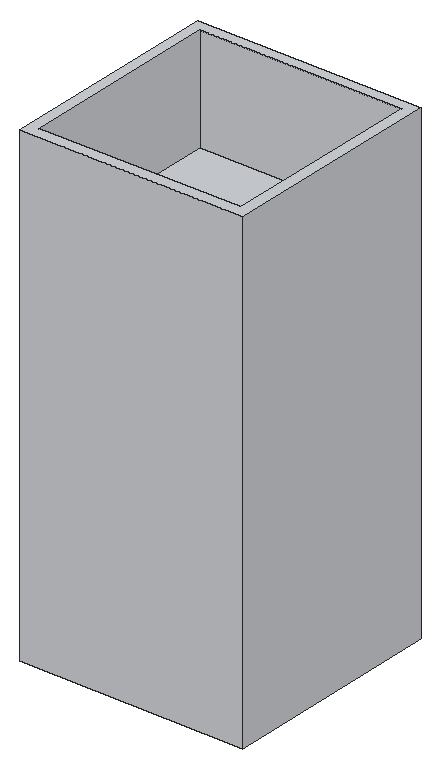
Revit family "Lighting-Surface-Lucifer-Squilinder-SQ2-FB", category Lighting Fixtures, host Face, Revit 2016
Family settings
  Host = Face
  Part Type = Normal
  Round Connector Dimension = Use Diameter
  Cut with Voids When Loaded = No
  Light Source = Yes
  Shared = No
  Room Calculation Point = No
Parameters
  Voltage = 0 V
  Power Factor = 1
  Photometric Web File = "Load File"
  Number of Poles = 1
  Material = White Finish
  Lamp = "LED"
  Input Wattage = ""
  Wattage = 26 W
  built-in parameter 1150110 = 1 (stored number, unit not read)
  URL = "https://www.luciferlighting.com/"
  built-in parameter 1114217 = 1 (stored number, unit not read)
  Tilt Angle = 90.00°
  built-in parameter 1150109 = 1 (stored number, unit not read)
  built-in parameter 1150134 = 12
  built-in parameter 1150113 = 1 (stored number, unit not read)
  Model = "SQ2-FB"
  Manufacturer = "Lucifer"
  built-in parameter 1150105 = 206.9 (stored number, unit not read)
  Lumens = 2600 lm
  built-in parameter 1150115 = 1 (stored number, unit not read)
  built-in parameter 1150137 = (empty or 0)
  built-in parameter 1150139 = (empty or 0)
  built-in parameter 1150112 = 1 (stored number, unit not read)
  built-in parameter 1150114 = 1 (stored number, unit not read)
  Keynote = ""
  built-in parameter 1150132 = (empty or 0)
  built-in parameter 1150102 = (empty or 0)
  built-in parameter 1150107 = 4000 (stored number, unit not read)
  built-in parameter 1150138 = (empty or 0)
  built-in parameter 1150106 = 2.069 (stored number, unit not read)
  Emit from Rectangle Width = 3.00"
  Emit from Rectangle Length = 3.00"
  Emit Shape Visible in Rendering = yes
  built-in parameter 1150104 = 9.2903 (stored number, unit not read)
  Dimming Lamp Color Temperature Shift = (empty or 0)
  Description = "Fixed Surface Mount"
  Default Elevation = 48.00"
  Color Filter = 16777215
  built-in parameter 1114218 = 1 (stored number, unit not read)
  built-in parameter 1150133 = 10 (stored number, unit not read)
  Assembly Code = ""
  Apparent Load = 0 VA
Reference planes (in)
  plane 1 "Center (Front/Back)": y = 1.94073
  plane 2: z = 0
  plane 3 "Center (Left/Right)": x = 2.916
  plane 4: y = 3.00423
  plane 5: y = 0.87724
Dimensions and locks (in)
  equal spacing: plane 4, plane 1 "Center (Front/Back)", plane 5
  aligned and locked: plane 2 to host face
  aligned and locked: level to host face
  aligned: plane 1 "Center (Front/Back)" to imposter light
Automatic sketch dimensions
  host sketch curve to host sketch curve = 12.00498"
  host sketch curve to host sketch curve = 12.39607"
Nested families (in)
  nested 1: "Track Head" at (2.916, 1.92486, 3.35) x (0, 0, 1) z (0, -1, 0), type "Track Head"
Connectors (in)
  electrical at (2.916, 2.38736, 0), driven by "Number of Poles", driven by "Voltage", driven by "Apparent Load", driven by "Power Factor"
    settings: on nested 1, index 1, voltage 0 V, apparent load 0 VA, apparent load phase1 0 VA, apparent load phase2 0 VA, apparent load phase3 0 VA, power factor 1, load classification "Other", number of poles 1, system type 31, power factor state 1, is connector primary yes, connector utility no, sub classification motor no, connector description ""
Definition of nested family "Track Head"
  Parameters (values of type "Track Head")
    Width = 3.13"
    Length = 4.80078"
    Material = none
    Height = 6.70"
    Default Elevation = 48.00"
    Assembly Code = ""
  Reference planes (in)
    plane 1 "Center (Front/Back)": y = 0
    plane 2: z = 0
    plane 3 "Center (Left/Right)": x = 0
    plane 4: z = 6.7
    plane 5: y = 1.565
    plane 6: y = -1.565
    plane 7: x = -1.565
    plane 8: x = 1.565
  Forms (in)
    Extrusion 1, solid
      sketch origin (0, 0, 0) x (1, 0, 0) y (0, 1, 0)
        loop
          line (-48, 48) -> (-48, -48) -> (48, -48) -> (48, 48) -> (-48, 48)
      from 0 to -0.80444
    Extrusion 2, solid, material <- "Material"
      sketch origin (-3.35, 0, -0.4625) x (0, 0, -1) y (0, 1, 0)
        loop
          line (-1.565, 1.565) -> (-1.565, -1.565) -> (1.565, -1.565) -> (1.565, 1.565) -> (-1.565, 1.565)
      from 0 to 6.7
    Extrusion 3, void
      sketch origin (-3.35, 0, -0.4625) x (0, 0, -1) y (0, 1, 0)
        loop
          line (-1.415, 1.415) -> (-1.415, -1.415) -> (1.415, -1.415) -> (1.415, 1.415) -> (-1.415, 1.415)
      from 5.2151 to 6.7
  Cuts and joins
    Extrusion 3 cuts Extrusion 2
  Dimensions and locks (in)
    equal spacing: plane 5, plane 1 "Center (Front/Back)", plane 6
    "Width": plane 5 to plane 6
    "Height": plane 4 to Extrusion 1
    equal spacing: plane 7, plane 3 "Center (Left/Right)", plane 8
    "Width": plane 7 to plane 8
    aligned and locked: plane 2 to Extrusion 1
    aligned and locked: level to Extrusion 1
    aligned and locked: plane 5 to Extrusion 2
    aligned and locked: Extrusion 2 to plane 6
  Automatic sketch dimensions
    Extrusion 1 sketch curve to Extrusion 1 sketch curve = 96.00"  (x2)
    Extrusion 2 sketch curve to plane 6 = 0.00"
    Extrusion 2 sketch curve to plane 5 = 0.00"
    Extrusion 2 sketch curve to plane 4 = 5.5975"
    Extrusion 2 sketch curve to level = 2.0275"
    plane 6 to Extrusion 3 sketch curve = 0.15"
    Extrusion 3 sketch curve to plane 4 = 5.7475"
    Extrusion 3 sketch curve to level = 1.8775"
    Extrusion 3 sketch curve to plane 5 = 0.15"
